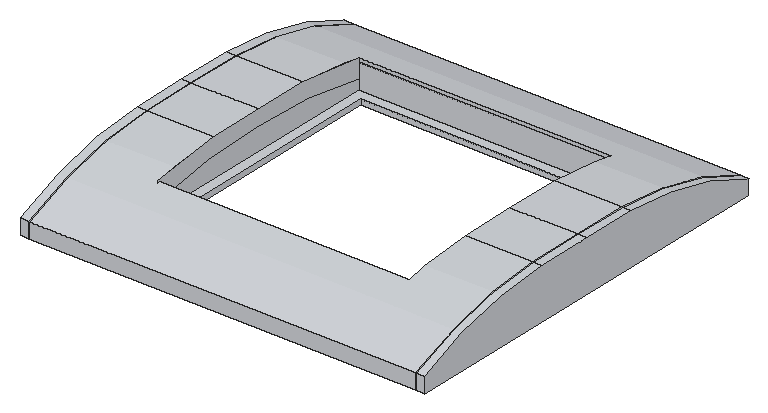
Revit family "Gira_0211397", category Electrical Fixtures, host Face, Revit 2017
Family settings
  Host = Face
  Maintain Annotation Orientation = No
  Round Connector Dimension = Use Diameter
  Part Type = Normal
  Cut with Voids When Loaded = No
  Shared = No
  Room Calculation Point = No
Parameters (values of type "Cov.fr. 1-g interm.fr. PW Gira Event Opaque orange")
  With mounting grid = "No"
  With hinged lid = "No"
  URL = "http://katalog.gira.de/en/datenblatt.html?artikelnr=0211397"
  Type of fastening = "Clamp mounting"
  Transparent = "No"
  Surface protection = "Other"
  Suitable for wall duct = "No"
  Suitable for flush-mounted installation = "Yes"
  Suitable for floor box = "No"
  Suitable for built-in installation = "No"
  Number of units vertical = "1"
  Number of units horizontal = "1"
  Number of units = "1"
  Name = "Cov.fr. 1-g interm.fr. PW Gira Event Opaque orange"
  Mounting direction = "Horizontal and vertical"
  Material quality = "Thermoplastic"
  Material = "Plastic"
  Manufacturer URL = "https://www.gira.de/"
  Manufacturer = "Gira"
  Label space/information surface = "No"
  Keynote = ""
  HeinzeBIM = "https://bimportal.heinze.de/bim/cov-fr-1-g-interm-fr-pw-gira-event-opaque-orange/92feaaea2948aa1c452cdb6b8fede86ea0c02f76"
  Halogen free = "Yes"
  HAN = "0211397"
  GTIN = "4010337074502"
  Description = "Cov.fr.1g i.fr.PW EvOp OG,Gira Event Opaque frames,orange with pure white glossy intermediate frame,1-gang,Features:,- Shatter-proof."
  Degree of protection (IP) = "IP20"
  Default Elevation = 1219.2 mm
  Data sheet (1) = "https://katalog.gira.de/en/download.html?artikelnr=0211397"
  Colour = "Orange"
  Category = "Cover frame for domestic switching devices"
  BIM (1) = "https://media.stage.bim.site/public/gira/36a6b08/Event_Rahmen_1fach.rfa"
  Available = "No"
Reference planes
  plane 1 "Center (Front/Back)": y = 0
  plane 2: z = 0
  plane 3 "Center (Left/Right)": x = 0
Forms (mm)
  Extrusion 1, solid, detail levels fine
    sketch origin (0, 0, 1.55) x (0, 1, 0) y (0, 0, 1)
      loop
        arc (12.445, 9.683) -> (6.223, 9.833) -> (0, 9.85) r 291.636
        arc (0, 9.85) -> (-6.223, 9.833) -> (-12.445, 9.683) r 291.636
        arc (-12.445, 9.683) -> (-29.14, 7.482) -> (-45, 1.823) r 79.728
        line (-45, 1.823) -> (-45, -1.55) -> (-41.777, -1.55) -> (-41.777, -0.55)
        arc (-41.777, -0.55) -> (-21.205, 4.846) -> (0, 6.467) r 118.15
        arc (0, 6.467) -> (21.205, 4.846) -> (41.777, -0.55) r 118.15
        line (41.777, -0.55) -> (41.777, -1.55) -> (45, -1.55) -> (45, 1.823)
        arc (45, 1.823) -> (29.14, 7.482) -> (12.445, 9.683) r 79.728
    from -43 to 43
  Extrusion 2, void, detail levels fine
    sketch origin (0, 0, 0) x (1, 0, 0) y (0, 1, 0)
      loop
        line (-28, -28) -> (28, -28) -> (28, 28) -> (-28, 28) -> (-28, -28)
    from 2.85 to 12
  Extrusion 3, solid, detail levels coarse
    sketch origin (0, 0, 0) x (1, 0, 0) y (0, 1, 0)
      loop
        line (-45, 45) -> (-45, -45) -> (45, -45) -> (45, 45) -> (-45, 45)
    from 0 to 11.4
  Extrusion 4, solid, detail levels medium
    sketch origin (0, 0, 1.55) x (0, 1, 0) y (0, 0, 1)
      loop
        arc (12.445, 9.683) -> (6.223, 9.833) -> (0, 9.85) r 291.636
        arc (0, 9.85) -> (-6.223, 9.833) -> (-12.445, 9.683) r 291.636
        arc (-12.445, 9.683) -> (-29.14, 7.482) -> (-45, 1.823) r 79.728
        line (-45, 1.823) -> (-45, -1.55) -> (45, -1.55) -> (45, 1.823)
        arc (45, 1.823) -> (29.14, 7.482) -> (12.445, 9.683) r 79.728
    from -45 to 45
  Extrusion 5, solid, detail levels fine
    sketch origin (0, 0, 0) x (0, 1, 0) y (0, 0, 1)
      loop
        arc (45, 3.373) -> (29.14, 9.032) -> (12.445, 11.233) r 79.728
        arc (12.445, 11.233) -> (6.223, 11.383) -> (0, 11.4) r 291.636
        arc (0, 11.4) -> (-6.223, 11.383) -> (-12.445, 11.233) r 291.636
        arc (-12.445, 11.233) -> (-29.14, 9.032) -> (-45, 3.373) r 79.728
        line (-45, 3.373) -> (-45, 0) -> (45, 0) -> (45, 3.373)
    from 43 to 45
  Extrusion 6, solid, detail levels fine
    sketch origin (0, 0, 0) x (0, 1, 0) y (0, 0, -1)
      loop
        line (45, -3.373) -> (45, 0) -> (-45, 0) -> (-45, -3.373)
        arc (-45, -3.373) -> (-29.14, -9.032) -> (-12.445, -11.233) r 79.728
        arc (-12.445, -11.233) -> (-6.223, -11.383) -> (0, -11.4) r 291.636
        arc (0, -11.4) -> (6.223, -11.383) -> (12.445, -11.233) r 291.636
        arc (12.445, -11.233) -> (29.14, -9.032) -> (45, -3.373) r 79.728
    from 43 to 45
  Extrusion 7, solid, detail levels fine
    sketch origin (0, 0, 0) x (1, 0, 0) y (0, 1, 0)
      loop
        line (-25.7, 25.7) -> (-25.7, -25.7) -> (25.7, -25.7) -> (25.7, 25.7) -> (-25.7, 25.7)
      loop
        line (-29.495, 27.895) -> (-29.495, -27.895)
        spline (-29.495, -27.895) -> (-29.486, -28.025) -> (-29.461, -28.154) -> (-29.419, -28.278) -> (-29.361, -28.395) -> (-29.288, -28.504) -> (-29.202, -28.602) -> (-29.104, -28.688) -> (-28.995, -28.761) -> (-28.878, -28.819) -> (-28.754, -28.861) -> (-28.625, -28.886) -> (-28.495, -28.895)
        line (-28.495, -28.895) -> (28.495, -28.895)
        spline (28.495, -28.895) -> (28.625, -28.886) -> (28.754, -28.861) -> (28.878, -28.819) -> (28.995, -28.761) -> (29.104, -28.688) -> (29.202, -28.602) -> (29.288, -28.504) -> (29.361, -28.395) -> (29.419, -28.278) -> (29.461, -28.154) -> (29.486, -28.025) -> (29.495, -27.895)
        line (29.495, -27.895) -> (29.495, 27.895)
        spline (29.495, 27.895) -> (29.486, 28.025) -> (29.461, 28.154) -> (29.419, 28.278) -> (29.361, 28.395) -> (29.288, 28.504) -> (29.202, 28.602) -> (29.104, 28.688) -> (28.995, 28.761) -> (28.878, 28.819) -> (28.754, 28.861) -> (28.625, 28.886) -> (28.495, 28.895)
        line (28.495, 28.895) -> (-28.495, 28.895)
        spline (-28.495, 28.895) -> (-28.625, 28.886) -> (-28.754, 28.861) -> (-28.878, 28.819) -> (-28.995, 28.761) -> (-29.104, 28.688) -> (-29.202, 28.602) -> (-29.288, 28.504) -> (-29.361, 28.395) -> (-29.419, 28.278) -> (-29.461, 28.154) -> (-29.486, 28.025) -> (-29.495, 27.895)
    from 1.673 to 8.5
Cuts and joins
  Extrusion 2 cuts Extrusion 1
  Extrusion 2 cuts Extrusion 7
Dimensions and locks
  aligned and locked: plane 2 to host face
  aligned and locked: level to host face
